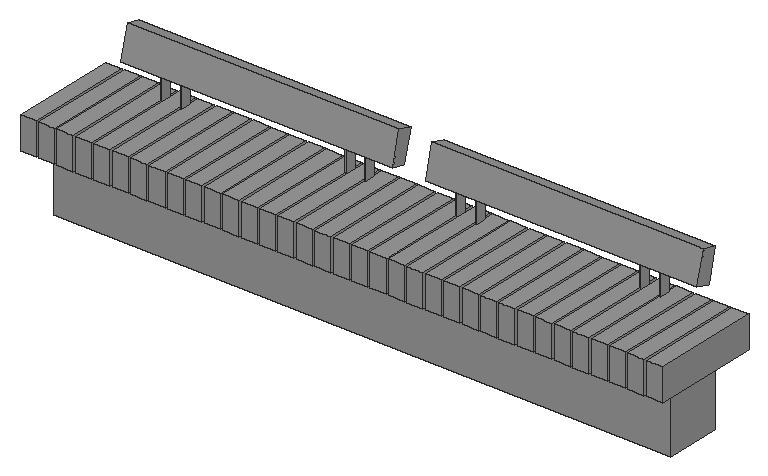
Revit family "Скамейка стальная «Wood Bench» с USB-входами Арт 20364", category Антураж, Revit 2018
Family settings
  На основе рабочей плоскости = Нет
  Всегда вертикально = Да
  При загрузке вырезать с полостями = Нет
  Источник визуального образа = Геометрия семейства
  Общий = Нет
  Точка расчета площади = Нет
Parameters (values of type "Версия 3,0 м")
  Ширина = 500 mm  # constant formula
  Цвет опоры = Сталь
  Цвет лавки = Дерево
  Описание = if([Версия 2,0 м], "Скамейка стальная «Wood Bench» с USB-входами. Версия 2,0 м с одной спинкой", "Скамейка стальная «Wood Bench» с USB-входами. Версия 3,0 м с двумя спинками")  # "Скамейка стальная «Wood Bench» с USB-входами. Версия 3,0 м с двумя спинками"
  Материал изделия = "Сталь, дерево"  # constant formula
  Изображение типоразмера = Скамейка стальная «Wood Bench» с USB-входами Арт 20364 3,0 м.jpg
  Изготовитель = "ООО «Хоббика»"  # constant formula
  Длина = if([Версия 2,0 м], 2000 mm, 3000 mm)  # 3000 mm
  Группа модели = "Скамейки"  # constant formula
  Высота = 700 mm  # constant formula
  Версия 3,0 м = not([Версия 2,0 м])  # yes
  Версия 2,0 м = no
  Артикул товара = "Арт. 20364"  # constant formula
Types (3, lengths in mm): name | Описание | Изображение типоразмера | Длина | Версия 3,0 м | Версия 2,0 м
  (no name) | "Скамейка стальная «Wood Bench» с USB-входами. Версия 3,0 м с двумя спинками" | Скамейка стальная «Wood Bench» с USB-входами Арт 20364 3,0 м.jpg | 3000 | yes | no
  Версия 2,0 м | "Скамейка стальная «Wood Bench» с USB-входами. Версия 2,0 м с одной спинкой" | Скамейка стальная «Wood Bench» с USB-входами Арт 20364 2,0 м.jpg | 2000 | no | yes
  Версия 3,0 м | "Скамейка стальная «Wood Bench» с USB-входами. Версия 3,0 м с двумя спинками" | Скамейка стальная «Wood Bench» с USB-входами Арт 20364 3,0 м.jpg | 3000 | yes | no
Reference planes
  plane 1 "По центру (Вперед/Назад)": y = 0
  plane 2: z = 0
  plane 3 "По центру (Влево/Вправо)": x = 0
  plane 4: x = 3000
  plane 5: y = 500
  plane 6: z = 700
Dimensions and locks
  "Длина": plane 3 "По центру (Влево/Вправо)" to plane 4
  "Ширина": plane 5 to plane 1 "По центру (Вперед/Назад)"
  "Высота": plane 6 to plane 2
  aligned and locked: level to plane 2
  aligned and locked: plane 3 "По центру (Влево/Вправо)" to nested 1
  aligned and locked: plane 1 "По центру (Вперед/Назад)" to nested 1
  aligned and locked: plane 1 "По центру (Вперед/Назад)" to nested 2
  aligned and locked: plane 3 "По центру (Влево/Вправо)" to nested 2
Nested families
  nested 1: "Скамейка стальная «Wood Bench» с USB-входами Арт 20364 2,0 м" at (0, 0, 0), visible <- "Версия 2,0 м", type "Скамейка стальная «Wood Bench» с USB-входами Арт 20364 2,0 м"
  nested 2: "Скамейка стальная «Wood Bench» с USB-входами Арт 20364 3,0 м" at (0, 0, 0), visible <- "Версия 3,0 м", type "Скамейка стальная «Wood Bench» с USB-входами Арт 20364 3,0 м"
Definition of nested family "Скамейка стальная «Wood Bench» с USB-входами Арт 20364 2,0 м"
  Parameters (values of type "Скамейка стальная «Wood Bench» с USB-входами Арт 20364 2,0 м")
    Ширина = 500 mm  # constant formula
    Цвет опоры = none
    Цвет лавки = none
    Длина = 2000 mm  # constant formula
    Height = 700 mm  # constant formula
  Reference planes
    plane 1 "По центру (Вперед/Назад)": y = 0
    plane 2: z = 0
    plane 3 "По центру (Влево/Вправо)": x = 0
    plane 4: x = 2000
    plane 5: y = 500
    plane 6: z = 700
  Forms (mm)
    Extrusion 1, solid, material <- "Цвет лавки"
      sketch origin (0, 0, 0) x (1, 0, 0) y (0, 0, 1)
        loop
          line (0, 450) -> (0, 300) -> (75, 300) -> (75, 450) -> (0, 450)
      from 0 to -500
    Extrusion 2, solid, material <- "Цвет лавки"
      sketch origin (1925, 0, 0) x (1, 0, 0) y (0, 0, 1)
        loop
          line (0, 450) -> (0, 300) -> (75, 300) -> (75, 450) -> (0, 450)
      from 0 to -500
    Extrusion 3, solid, material <- "Цвет лавки"
      sketch origin (80.208, 0, 0) x (1, 0, 0) y (0, 0, 1)
        loop
          line (0, 450) -> (0, 300) -> (75, 300) -> (75, 450) -> (0, 450)
      from 0 to -500
    Extrusion 4, solid, material <- "Цвет лавки"
      sketch origin (160.417, 0, 0) x (1, 0, 0) y (0, 0, 1)
        loop
          line (0, 450) -> (0, 300) -> (75, 300) -> (75, 450) -> (0, 450)
      from 0 to -500
    Extrusion 5, solid, material <- "Цвет лавки"
      sketch origin (240.625, 0, 0) x (1, 0, 0) y (0, 0, 1)
        loop
          line (0, 450) -> (0, 300) -> (75, 300) -> (75, 450) -> (0, 450)
      from 0 to -500
    Extrusion 6, solid, material <- "Цвет лавки"
      sketch origin (320.833, 0, 0) x (1, 0, 0) y (0, 0, 1)
        loop
          line (0, 450) -> (0, 300) -> (75, 300) -> (75, 450) -> (0, 450)
      from 0 to -500
    Extrusion 7, solid, material <- "Цвет лавки"
      sketch origin (401.042, 0, 0) x (1, 0, 0) y (0, 0, 1)
        loop
          line (0, 450) -> (0, 300) -> (75, 300) -> (75, 450) -> (0, 450)
      from 0 to -500
    Extrusion 8, solid, material <- "Цвет лавки"
      sketch origin (481.25, 0, 0) x (1, 0, 0) y (0, 0, 1)
        loop
          line (0, 450) -> (0, 300) -> (75, 300) -> (75, 450) -> (0, 450)
      from 0 to -500
    Extrusion 9, solid, material <- "Цвет лавки"
      sketch origin (561.458, 0, 0) x (1, 0, 0) y (0, 0, 1)
        loop
          line (0, 450) -> (0, 300) -> (75, 300) -> (75, 450) -> (0, 450)
      from 0 to -500
    Extrusion 10, solid, material <- "Цвет лавки"
      sketch origin (641.667, 0, 0) x (1, 0, 0) y (0, 0, 1)
        loop
          line (0, 450) -> (0, 300) -> (75, 300) -> (75, 450) -> (0, 450)
      from 0 to -500
    Extrusion 11, solid, material <- "Цвет лавки"
      sketch origin (721.875, 0, 0) x (1, 0, 0) y (0, 0, 1)
        loop
          line (0, 450) -> (0, 300) -> (75, 300) -> (75, 450) -> (0, 450)
      from 0 to -500
    Extrusion 12, solid, material <- "Цвет лавки"
      sketch origin (802.083, 0, 0) x (1, 0, 0) y (0, 0, 1)
        loop
          line (0, 450) -> (0, 300) -> (75, 300) -> (75, 450) -> (0, 450)
      from 0 to -500
    Extrusion 13, solid, material <- "Цвет лавки"
      sketch origin (882.292, 0, 0) x (1, 0, 0) y (0, 0, 1)
        loop
          line (0, 450) -> (0, 300) -> (75, 300) -> (75, 450) -> (0, 450)
      from 0 to -500
    Extrusion 14, solid, material <- "Цвет лавки"
      sketch origin (962.5, 0, 0) x (1, 0, 0) y (0, 0, 1)
        loop
          line (0, 450) -> (0, 300) -> (75, 300) -> (75, 450) -> (0, 450)
      from 0 to -500
    Extrusion 15, solid, material <- "Цвет лавки"
      sketch origin (1042.708, 0, 0) x (1, 0, 0) y (0, 0, 1)
        loop
          line (0, 450) -> (0, 300) -> (75, 300) -> (75, 450) -> (0, 450)
      from 0 to -500
    Extrusion 16, solid, material <- "Цвет лавки"
      sketch origin (1122.917, 0, 0) x (1, 0, 0) y (0, 0, 1)
        loop
          line (0, 450) -> (0, 300) -> (75, 300) -> (75, 450) -> (0, 450)
      from 0 to -500
    Extrusion 17, solid, material <- "Цвет лавки"
      sketch origin (1203.125, 0, 0) x (1, 0, 0) y (0, 0, 1)
        loop
          line (0, 450) -> (0, 300) -> (75, 300) -> (75, 450) -> (0, 450)
      from 0 to -500
    Extrusion 18, solid, material <- "Цвет лавки"
      sketch origin (1283.333, 0, 0) x (1, 0, 0) y (0, 0, 1)
        loop
          line (0, 450) -> (0, 300) -> (75, 300) -> (75, 450) -> (0, 450)
      from 0 to -500
    Extrusion 19, solid, material <- "Цвет лавки"
      sketch origin (1363.542, 0, 0) x (1, 0, 0) y (0, 0, 1)
        loop
          line (0, 450) -> (0, 300) -> (75, 300) -> (75, 450) -> (0, 450)
      from 0 to -500
    Extrusion 20, solid, material <- "Цвет лавки"
      sketch origin (1443.75, 0, 0) x (1, 0, 0) y (0, 0, 1)
        loop
          line (0, 450) -> (0, 300) -> (75, 300) -> (75, 450) -> (0, 450)
      from 0 to -500
    Extrusion 21, solid, material <- "Цвет лавки"
      sketch origin (1523.958, 0, 0) x (1, 0, 0) y (0, 0, 1)
        loop
          line (0, 450) -> (0, 300) -> (75, 300) -> (75, 450) -> (0, 450)
      from 0 to -500
    Extrusion 22, solid, material <- "Цвет лавки"
      sketch origin (1604.167, 0, 0) x (1, 0, 0) y (0, 0, 1)
        loop
          line (0, 450) -> (0, 300) -> (75, 300) -> (75, 450) -> (0, 450)
      from 0 to -500
    Extrusion 23, solid, material <- "Цвет лавки"
      sketch origin (1684.375, 0, 0) x (1, 0, 0) y (0, 0, 1)
        loop
          line (0, 450) -> (0, 300) -> (75, 300) -> (75, 450) -> (0, 450)
      from 0 to -500
    Extrusion 24, solid, material <- "Цвет лавки"
      sketch origin (1764.583, 0, 0) x (1, 0, 0) y (0, 0, 1)
        loop
          line (0, 450) -> (0, 300) -> (75, 300) -> (75, 450) -> (0, 450)
      from 0 to -500
    Extrusion 25, solid, material <- "Цвет лавки"
      sketch origin (1844.792, 0, 0) x (1, 0, 0) y (0, 0, 1)
        loop
          line (0, 450) -> (0, 300) -> (75, 300) -> (75, 450) -> (0, 450)
      from 0 to -500
    Extrusion 26, solid, material <- "Цвет опоры"
      sketch origin (0, 0, 0) x (1, 0, 0) y (0, 1, 0)
        loop
          line (60, 380) -> (60, 120) -> (1940, 120) -> (1940, 380) -> (60, 380)
      from 0 to 300
    Extrusion 27, solid, material <- "Цвет лавки"
      sketch origin (0, 0, 0) x (0, 1, 0) y (0, 0, 1)
        loop
          line (500, 681.892) -> (432.383, 700) -> (393.58, 555.106) -> (461.198, 536.998) -> (500, 681.892)
      from 155 to 1845
    Extrusion 28, solid, material <- "Цвет опоры"
      sketch origin (0, 0, 0) x (1, 0, 0) y (0, 0, 1)
        loop
          line (401.042, 300) -> (401.042, 573.03) -> (395.833, 573.03) -> (395.833, 300) -> (401.042, 300)
        loop
          line (320.833, 300) -> (320.833, 573.03) -> (315.625, 573.03) -> (315.625, 300) -> (320.833, 300)
        loop
          line (1598.958, 300) -> (1604.167, 300) -> (1604.167, 573.03) -> (1598.958, 573.03) -> (1598.958, 300)
        loop
          line (1679.167, 300) -> (1684.375, 300) -> (1684.375, 573.03) -> (1679.167, 573.03) -> (1679.167, 300)
      from -405.348 to -452.118
  Dimensions and locks
    "Длина": plane 3 "По центру (Влево/Вправо)" to plane 4
    "Ширина": plane 5 to plane 1 "По центру (Вперед/Назад)"
    "Height": plane 6 to plane 2
    equal spacing: group 1, group 3, group 4, group 5, group 6, group 7, group 8, group 9, group 10, group 11, group 12, group 13, group 14, group 15, group 16, group 17, group 18, group 19, group 20, group 21, group 22, group 23, group 24, group 25, group 2  (x3)
    aligned and locked: level to plane 2
  Automatic sketch dimensions
    Extrusion 1 sketch curve to Extrusion 1 sketch curve = 150 mm
    Extrusion 1 sketch curve to Extrusion 1 sketch curve = 75 mm
    Extrusion 2 sketch curve to Extrusion 2 sketch curve = 150 mm
    Extrusion 2 sketch curve to Extrusion 2 sketch curve = 75 mm
    Extrusion 3 sketch curve to Extrusion 3 sketch curve = 150 mm
    Extrusion 3 sketch curve to Extrusion 3 sketch curve = 75 mm
    Extrusion 4 sketch curve to Extrusion 4 sketch curve = 150 mm
    Extrusion 4 sketch curve to Extrusion 4 sketch curve = 75 mm
    Extrusion 5 sketch curve to Extrusion 5 sketch curve = 150 mm
    Extrusion 5 sketch curve to Extrusion 5 sketch curve = 75 mm
    Extrusion 6 sketch curve to Extrusion 6 sketch curve = 150 mm
    Extrusion 6 sketch curve to Extrusion 6 sketch curve = 75 mm
    Extrusion 7 sketch curve to Extrusion 7 sketch curve = 150 mm
    Extrusion 7 sketch curve to Extrusion 7 sketch curve = 75 mm
    Extrusion 8 sketch curve to Extrusion 8 sketch curve = 150 mm
    Extrusion 8 sketch curve to Extrusion 8 sketch curve = 75 mm
    Extrusion 9 sketch curve to Extrusion 9 sketch curve = 150 mm
    Extrusion 9 sketch curve to Extrusion 9 sketch curve = 75 mm
    Extrusion 10 sketch curve to Extrusion 10 sketch curve = 150 mm
    Extrusion 10 sketch curve to Extrusion 10 sketch curve = 75 mm
    Extrusion 11 sketch curve to Extrusion 11 sketch curve = 150 mm
    Extrusion 11 sketch curve to Extrusion 11 sketch curve = 75 mm
    Extrusion 12 sketch curve to Extrusion 12 sketch curve = 150 mm
    Extrusion 12 sketch curve to Extrusion 12 sketch curve = 75 mm
    Extrusion 13 sketch curve to Extrusion 13 sketch curve = 150 mm
    Extrusion 13 sketch curve to Extrusion 13 sketch curve = 75 mm
    Extrusion 14 sketch curve to Extrusion 14 sketch curve = 150 mm
    Extrusion 14 sketch curve to Extrusion 14 sketch curve = 75 mm
    Extrusion 15 sketch curve to Extrusion 15 sketch curve = 150 mm
    Extrusion 15 sketch curve to Extrusion 15 sketch curve = 75 mm
    Extrusion 16 sketch curve to Extrusion 16 sketch curve = 150 mm
    Extrusion 16 sketch curve to Extrusion 16 sketch curve = 75 mm
    Extrusion 17 sketch curve to Extrusion 17 sketch curve = 150 mm
    Extrusion 17 sketch curve to Extrusion 17 sketch curve = 75 mm
    Extrusion 18 sketch curve to Extrusion 18 sketch curve = 150 mm
    Extrusion 18 sketch curve to Extrusion 18 sketch curve = 75 mm
    Extrusion 19 sketch curve to Extrusion 19 sketch curve = 150 mm
    Extrusion 19 sketch curve to Extrusion 19 sketch curve = 75 mm
    Extrusion 20 sketch curve to Extrusion 20 sketch curve = 150 mm
    Extrusion 20 sketch curve to Extrusion 20 sketch curve = 75 mm
    Extrusion 21 sketch curve to Extrusion 21 sketch curve = 150 mm
    Extrusion 21 sketch curve to Extrusion 21 sketch curve = 75 mm
    Extrusion 22 sketch curve to Extrusion 22 sketch curve = 150 mm
    Extrusion 22 sketch curve to Extrusion 22 sketch curve = 75 mm
    Extrusion 23 sketch curve to Extrusion 23 sketch curve = 150 mm
    Extrusion 23 sketch curve to Extrusion 23 sketch curve = 75 mm
    Extrusion 24 sketch curve to Extrusion 24 sketch curve = 150 mm
    Extrusion 24 sketch curve to Extrusion 24 sketch curve = 75 mm
    Extrusion 25 sketch curve to Extrusion 25 sketch curve = 150 mm
    Extrusion 25 sketch curve to Extrusion 25 sketch curve = 75 mm
    Extrusion 26 sketch curve to plane 1 "По центру (Вперед/Назад)" = 120 mm
    plane 3 "По центру (Влево/Вправо)" to Extrusion 26 sketch curve = 60 mm
    Extrusion 26 sketch curve to plane 4 = 60 mm
    Extrusion 26 sketch curve to plane 5 = 120 mm
    Extrusion 27 sketch curve to plane 5 = 106.42 mm
    Extrusion 27 sketch curve to plane 6 = 0 mm
    Extrusion 27 sketch curve to plane 5 = 67.617 mm
    Extrusion 27 sketch curve to Extrusion 27 sketch curve = 67.617 mm
    Extrusion 27 sketch curve to Extrusion 27 sketch curve = 18.108 mm
    plane 3 "По центру (Влево/Вправо)" to Extrusion 28 sketch curve = 315.625 mm
    Extrusion 28 sketch curve to Extrusion 28 sketch curve = 5.208 mm  (x4)
    Extrusion 28 sketch curve to Extrusion 28 sketch curve = 75 mm  (x2)
    Extrusion 28 sketch curve to plane 4 = 401.042 mm
    level to Extrusion 28 sketch curve = 300 mm  (x2)
    Extrusion 28 sketch curve to Extrusion 28 sketch curve = 0 mm  (x4)
    Extrusion 28 sketch curve to plane 6 = 126.97 mm  (x2)
Definition of nested family "Скамейка стальная «Wood Bench» с USB-входами Арт 20364 3,0 м"
  Parameters (values of type "Скамейка стальная «Wood Bench» с USB-входами Арт 20364 3,0 м")
    Ширина = 500 mm  # constant formula
    Цвет опоры = none
    Цвет лавки = none
    Длина = 3000 mm  # constant formula
    Height = 700 mm  # constant formula
  Reference planes
    plane 1 "По центру (Вперед/Назад)": y = 0
    plane 2: z = 0
    plane 3 "По центру (Влево/Вправо)": x = 0
    plane 4: x = 3000
    plane 5: y = 500
    plane 6: z = 700
  Forms (mm)
    Extrusion 1, solid, material <- "Цвет лавки"
      sketch origin (0, 0, 0) x (1, 0, 0) y (0, 0, 1)
        loop
          line (0, 450) -> (0, 300) -> (75, 300) -> (75, 450) -> (0, 450)
      from 0 to -500
    Extrusion 2, solid, material <- "Цвет лавки"
      sketch origin (2925, 0, 0) x (1, 0, 0) y (0, 0, 1)
        loop
          line (0, 450) -> (0, 300) -> (75, 300) -> (75, 450) -> (0, 450)
      from 0 to -500
    Extrusion 3, solid, material <- "Цвет лавки"
      sketch origin (86.029, 0, 0) x (1, 0, 0) y (0, 0, 1)
        loop
          line (0, 450) -> (0, 300) -> (75, 300) -> (75, 450) -> (0, 450)
      from 0 to -500
    Extrusion 4, solid, material <- "Цвет лавки"
      sketch origin (172.059, 0, 0) x (1, 0, 0) y (0, 0, 1)
        loop
          line (0, 450) -> (0, 300) -> (75, 300) -> (75, 450) -> (0, 450)
      from 0 to -500
    Extrusion 5, solid, material <- "Цвет лавки"
      sketch origin (258.088, 0, 0) x (1, 0, 0) y (0, 0, 1)
        loop
          line (0, 450) -> (0, 300) -> (75, 300) -> (75, 450) -> (0, 450)
      from 0 to -500
    Extrusion 6, solid, material <- "Цвет лавки"
      sketch origin (344.118, 0, 0) x (1, 0, 0) y (0, 0, 1)
        loop
          line (0, 450) -> (0, 300) -> (75, 300) -> (75, 450) -> (0, 450)
      from 0 to -500
    Extrusion 7, solid, material <- "Цвет лавки"
      sketch origin (430.147, 0, 0) x (1, 0, 0) y (0, 0, 1)
        loop
          line (0, 450) -> (0, 300) -> (75, 300) -> (75, 450) -> (0, 450)
      from 0 to -500
    Extrusion 8, solid, material <- "Цвет лавки"
      sketch origin (516.176, 0, 0) x (1, 0, 0) y (0, 0, 1)
        loop
          line (0, 450) -> (0, 300) -> (75, 300) -> (75, 450) -> (0, 450)
      from 0 to -500
    Extrusion 9, solid, material <- "Цвет лавки"
      sketch origin (602.206, 0, 0) x (1, 0, 0) y (0, 0, 1)
        loop
          line (0, 450) -> (0, 300) -> (75, 300) -> (75, 450) -> (0, 450)
      from 0 to -500
    Extrusion 10, solid, material <- "Цвет лавки"
      sketch origin (688.235, 0, 0) x (1, 0, 0) y (0, 0, 1)
        loop
          line (0, 450) -> (0, 300) -> (75, 300) -> (75, 450) -> (0, 450)
      from 0 to -500
    Extrusion 11, solid, material <- "Цвет лавки"
      sketch origin (774.265, 0, 0) x (1, 0, 0) y (0, 0, 1)
        loop
          line (0, 450) -> (0, 300) -> (75, 300) -> (75, 450) -> (0, 450)
      from 0 to -500
    Extrusion 12, solid, material <- "Цвет лавки"
      sketch origin (860.294, 0, 0) x (1, 0, 0) y (0, 0, 1)
        loop
          line (0, 450) -> (0, 300) -> (75, 300) -> (75, 450) -> (0, 450)
      from 0 to -500
    Extrusion 13, solid, material <- "Цвет лавки"
      sketch origin (946.324, 0, 0) x (1, 0, 0) y (0, 0, 1)
        loop
          line (0, 450) -> (0, 300) -> (75, 300) -> (75, 450) -> (0, 450)
      from 0 to -500
    Extrusion 14, solid, material <- "Цвет лавки"
      sketch origin (1032.353, 0, 0) x (1, 0, 0) y (0, 0, 1)
        loop
          line (0, 450) -> (0, 300) -> (75, 300) -> (75, 450) -> (0, 450)
      from 0 to -500
    Extrusion 15, solid, material <- "Цвет лавки"
      sketch origin (1118.382, 0, 0) x (1, 0, 0) y (0, 0, 1)
        loop
          line (0, 450) -> (0, 300) -> (75, 300) -> (75, 450) -> (0, 450)
      from 0 to -500
    Extrusion 16, solid, material <- "Цвет лавки"
      sketch origin (1204.412, 0, 0) x (1, 0, 0) y (0, 0, 1)
        loop
          line (0, 450) -> (0, 300) -> (75, 300) -> (75, 450) -> (0, 450)
      from 0 to -500
    Extrusion 17, solid, material <- "Цвет лавки"
      sketch origin (1290.441, 0, 0) x (1, 0, 0) y (0, 0, 1)
        loop
          line (0, 450) -> (0, 300) -> (75, 300) -> (75, 450) -> (0, 450)
      from 0 to -500
    Extrusion 18, solid, material <- "Цвет лавки"
      sketch origin (1376.471, 0, 0) x (1, 0, 0) y (0, 0, 1)
        loop
          line (0, 450) -> (0, 300) -> (75, 300) -> (75, 450) -> (0, 450)
      from 0 to -500
    Extrusion 19, solid, material <- "Цвет лавки"
      sketch origin (1462.5, 0, 0) x (1, 0, 0) y (0, 0, 1)
        loop
          line (0, 450) -> (0, 300) -> (75, 300) -> (75, 450) -> (0, 450)
      from 0 to -500
    Extrusion 20, solid, material <- "Цвет лавки"
      sketch origin (1548.529, 0, 0) x (1, 0, 0) y (0, 0, 1)
        loop
          line (0, 450) -> (0, 300) -> (75, 300) -> (75, 450) -> (0, 450)
      from 0 to -500
    Extrusion 21, solid, material <- "Цвет лавки"
      sketch origin (1634.559, 0, 0) x (1, 0, 0) y (0, 0, 1)
        loop
          line (0, 450) -> (0, 300) -> (75, 300) -> (75, 450) -> (0, 450)
      from 0 to -500
    Extrusion 22, solid, material <- "Цвет лавки"
      sketch origin (1720.588, 0, 0) x (1, 0, 0) y (0, 0, 1)
        loop
          line (0, 450) -> (0, 300) -> (75, 300) -> (75, 450) -> (0, 450)
      from 0 to -500
    Extrusion 23, solid, material <- "Цвет лавки"
      sketch origin (1806.618, 0, 0) x (1, 0, 0) y (0, 0, 1)
        loop
          line (0, 450) -> (0, 300) -> (75, 300) -> (75, 450) -> (0, 450)
      from 0 to -500
    Extrusion 24, solid, material <- "Цвет лавки"
      sketch origin (1892.647, 0, 0) x (1, 0, 0) y (0, 0, 1)
        loop
          line (0, 450) -> (0, 300) -> (75, 300) -> (75, 450) -> (0, 450)
      from 0 to -500
    Extrusion 25, solid, material <- "Цвет лавки"
      sketch origin (1978.676, 0, 0) x (1, 0, 0) y (0, 0, 1)
        loop
          line (0, 450) -> (0, 300) -> (75, 300) -> (75, 450) -> (0, 450)
      from 0 to -500
    Extrusion 26, solid, material <- "Цвет опоры"
      sketch origin (0, 0, 0) x (1, 0, 0) y (0, 1, 0)
        loop
          line (60, 380) -> (60, 120) -> (2940, 120) -> (2940, 380) -> (60, 380)
      from 0 to 300
    Extrusion 27, solid, material <- "Цвет лавки"
      sketch origin (0, 0, 0) x (0, 1, 0) y (0, 0, 1)
        loop
          line (500, 681.892) -> (432.383, 700) -> (393.58, 555.106) -> (461.198, 536.998) -> (500, 681.892)
      from 155 to 1422.5
    Extrusion 28, solid, material <- "Цвет опоры"
      sketch origin (17.463, 0, 0) x (1, 0, 0) y (0, 0, 1)
        loop
          line (412.684, 300) -> (412.684, 573.03) -> (407.475, 573.03) -> (407.475, 300) -> (412.684, 300)
        loop
          line (320.833, 300) -> (320.833, 573.03) -> (315.625, 573.03) -> (315.625, 300) -> (320.833, 300)
        loop
          line (1175.919, 300) -> (1181.127, 300) -> (1181.127, 573.03) -> (1175.919, 573.03) -> (1175.919, 300)
        loop
          line (1267.157, 300) -> (1272.365, 300) -> (1272.365, 573.03) -> (1267.157, 573.03) -> (1267.157, 300)
        loop
          line (2552.39, 300) -> (2557.598, 300) -> (2557.598, 573.03) -> (2552.39, 573.03) -> (2552.39, 300)
        loop
          line (2644.24, 300) -> (2649.449, 300) -> (2649.449, 573.03) -> (2644.24, 573.03) -> (2644.24, 300)
        loop
          line (1789.154, 300) -> (1789.154, 573.03) -> (1783.946, 573.03) -> (1783.946, 300) -> (1789.154, 300)
        loop
          line (1697.917, 300) -> (1697.917, 573.03) -> (1692.708, 573.03) -> (1692.708, 300) -> (1697.917, 300)
      from -405.348 to -452.118
    Extrusion 29, solid, material <- "Цвет лавки"
      sketch origin (2064.706, 0, 0) x (1, 0, 0) y (0, 0, 1)
        loop
          line (0, 450) -> (0, 300) -> (75, 300) -> (75, 450) -> (0, 450)
      from 0 to -500
    Extrusion 30, solid, material <- "Цвет лавки"
      sketch origin (2150.735, 0, 0) x (1, 0, 0) y (0, 0, 1)
        loop
          line (0, 450) -> (0, 300) -> (75, 300) -> (75, 450) -> (0, 450)
      from 0 to -500
    Extrusion 31, solid, material <- "Цвет лавки"
      sketch origin (2236.765, 0, 0) x (1, 0, 0) y (0, 0, 1)
        loop
          line (0, 450) -> (0, 300) -> (75, 300) -> (75, 450) -> (0, 450)
      from 0 to -500
    Extrusion 32, solid, material <- "Цвет лавки"
      sketch origin (2322.794, 0, 0) x (1, 0, 0) y (0, 0, 1)
        loop
          line (0, 450) -> (0, 300) -> (75, 300) -> (75, 450) -> (0, 450)
      from 0 to -500
    Extrusion 33, solid, material <- "Цвет лавки"
      sketch origin (2408.824, 0, 0) x (1, 0, 0) y (0, 0, 1)
        loop
          line (0, 450) -> (0, 300) -> (75, 300) -> (75, 450) -> (0, 450)
      from 0 to -500
    Extrusion 34, solid, material <- "Цвет лавки"
      sketch origin (2494.853, 0, 0) x (1, 0, 0) y (0, 0, 1)
        loop
          line (0, 450) -> (0, 300) -> (75, 300) -> (75, 450) -> (0, 450)
      from 0 to -500
    Extrusion 35, solid, material <- "Цвет лавки"
      sketch origin (2580.882, 0, 0) x (1, 0, 0) y (0, 0, 1)
        loop
          line (0, 450) -> (0, 300) -> (75, 300) -> (75, 450) -> (0, 450)
      from 0 to -500
    Extrusion 36, solid, material <- "Цвет лавки"
      sketch origin (2666.912, 0, 0) x (1, 0, 0) y (0, 0, 1)
        loop
          line (0, 450) -> (0, 300) -> (75, 300) -> (75, 450) -> (0, 450)
      from 0 to -500
    Extrusion 37, solid, material <- "Цвет лавки"
      sketch origin (2752.941, 0, 0) x (1, 0, 0) y (0, 0, 1)
        loop
          line (0, 450) -> (0, 300) -> (75, 300) -> (75, 450) -> (0, 450)
      from 0 to -500
    Extrusion 38, solid, material <- "Цвет лавки"
      sketch origin (2838.971, 0, 0) x (1, 0, 0) y (0, 0, 1)
        loop
          line (0, 450) -> (0, 300) -> (75, 300) -> (75, 450) -> (0, 450)
      from 0 to -500
    Extrusion 39, solid, material <- "Цвет лавки"
      sketch origin (0, 0, 0) x (0, 1, 0) y (0, 0, 1)
        loop
          line (500, 681.892) -> (432.383, 700) -> (393.58, 555.106) -> (461.198, 536.998) -> (500, 681.892)
      from 1577.5 to 2845
  Dimensions and locks
    "Длина": plane 3 "По центру (Влево/Вправо)" to plane 4
    "Ширина": plane 5 to plane 1 "По центру (Вперед/Назад)"
    "Height": plane 6 to plane 2
    equal spacing: group 1, group 3, group 4, group 5, group 6, group 7, group 8, group 9, group 10, group 11, group 12, group 13, group 14, group 15, group 16, group 17, group 18, group 19, group 20, group 21, group 22, group 23, group 24, group 25, group 26, group 27, group 28, group 29, group 30, group 31, group 32, group 33, group 34, group 35, group 2  (x3)
    aligned and locked: level to plane 2
  Automatic sketch dimensions
    Extrusion 1 sketch curve to Extrusion 1 sketch curve = 150 mm
    Extrusion 1 sketch curve to Extrusion 1 sketch curve = 75 mm
    Extrusion 2 sketch curve to Extrusion 2 sketch curve = 150 mm
    Extrusion 2 sketch curve to Extrusion 2 sketch curve = 75 mm
    Extrusion 3 sketch curve to Extrusion 3 sketch curve = 150 mm
    Extrusion 3 sketch curve to Extrusion 3 sketch curve = 75 mm
    Extrusion 4 sketch curve to Extrusion 4 sketch curve = 150 mm
    Extrusion 4 sketch curve to Extrusion 4 sketch curve = 75 mm
    Extrusion 5 sketch curve to Extrusion 5 sketch curve = 150 mm
    Extrusion 5 sketch curve to Extrusion 5 sketch curve = 75 mm
    Extrusion 6 sketch curve to Extrusion 6 sketch curve = 150 mm
    Extrusion 6 sketch curve to Extrusion 6 sketch curve = 75 mm
    Extrusion 7 sketch curve to Extrusion 7 sketch curve = 150 mm
    Extrusion 7 sketch curve to Extrusion 7 sketch curve = 75 mm
    Extrusion 8 sketch curve to Extrusion 8 sketch curve = 150 mm
    Extrusion 8 sketch curve to Extrusion 8 sketch curve = 75 mm
    Extrusion 9 sketch curve to Extrusion 9 sketch curve = 150 mm
    Extrusion 9 sketch curve to Extrusion 9 sketch curve = 75 mm
    Extrusion 10 sketch curve to Extrusion 10 sketch curve = 150 mm
    Extrusion 10 sketch curve to Extrusion 10 sketch curve = 75 mm
    Extrusion 11 sketch curve to Extrusion 11 sketch curve = 150 mm
    Extrusion 11 sketch curve to Extrusion 11 sketch curve = 75 mm
    Extrusion 12 sketch curve to Extrusion 12 sketch curve = 150 mm
    Extrusion 12 sketch curve to Extrusion 12 sketch curve = 75 mm
    Extrusion 13 sketch curve to Extrusion 13 sketch curve = 150 mm
    Extrusion 13 sketch curve to Extrusion 13 sketch curve = 75 mm
    Extrusion 14 sketch curve to Extrusion 14 sketch curve = 150 mm
    Extrusion 14 sketch curve to Extrusion 14 sketch curve = 75 mm
    Extrusion 15 sketch curve to Extrusion 15 sketch curve = 150 mm
    Extrusion 15 sketch curve to Extrusion 15 sketch curve = 75 mm
    Extrusion 16 sketch curve to Extrusion 16 sketch curve = 150 mm
    Extrusion 16 sketch curve to Extrusion 16 sketch curve = 75 mm
    Extrusion 17 sketch curve to Extrusion 17 sketch curve = 150 mm
    Extrusion 17 sketch curve to Extrusion 17 sketch curve = 75 mm
    Extrusion 18 sketch curve to Extrusion 18 sketch curve = 150 mm
    Extrusion 18 sketch curve to Extrusion 18 sketch curve = 75 mm
    Extrusion 19 sketch curve to Extrusion 19 sketch curve = 150 mm
    Extrusion 19 sketch curve to Extrusion 19 sketch curve = 75 mm
    Extrusion 20 sketch curve to Extrusion 20 sketch curve = 150 mm
    Extrusion 20 sketch curve to Extrusion 20 sketch curve = 75 mm
    Extrusion 21 sketch curve to Extrusion 21 sketch curve = 150 mm
    Extrusion 21 sketch curve to Extrusion 21 sketch curve = 75 mm
    Extrusion 22 sketch curve to Extrusion 22 sketch curve = 150 mm
    Extrusion 22 sketch curve to Extrusion 22 sketch curve = 75 mm
    Extrusion 23 sketch curve to Extrusion 23 sketch curve = 150 mm
    Extrusion 23 sketch curve to Extrusion 23 sketch curve = 75 mm
    Extrusion 24 sketch curve to Extrusion 24 sketch curve = 150 mm
    Extrusion 24 sketch curve to Extrusion 24 sketch curve = 75 mm
    Extrusion 25 sketch curve to Extrusion 25 sketch curve = 150 mm
    Extrusion 25 sketch curve to Extrusion 25 sketch curve = 75 mm
    Extrusion 29 sketch curve to Extrusion 29 sketch curve = 150 mm
    Extrusion 29 sketch curve to Extrusion 29 sketch curve = 75 mm
    Extrusion 30 sketch curve to Extrusion 30 sketch curve = 150 mm
    Extrusion 30 sketch curve to Extrusion 30 sketch curve = 75 mm
    Extrusion 31 sketch curve to Extrusion 31 sketch curve = 150 mm
    Extrusion 31 sketch curve to Extrusion 31 sketch curve = 75 mm
    Extrusion 32 sketch curve to Extrusion 32 sketch curve = 150 mm
    Extrusion 32 sketch curve to Extrusion 32 sketch curve = 75 mm
    Extrusion 33 sketch curve to Extrusion 33 sketch curve = 150 mm
    Extrusion 33 sketch curve to Extrusion 33 sketch curve = 75 mm
    Extrusion 34 sketch curve to Extrusion 34 sketch curve = 150 mm
    Extrusion 34 sketch curve to Extrusion 34 sketch curve = 75 mm
    Extrusion 35 sketch curve to Extrusion 35 sketch curve = 150 mm
    Extrusion 35 sketch curve to Extrusion 35 sketch curve = 75 mm
    Extrusion 36 sketch curve to Extrusion 36 sketch curve = 150 mm
    Extrusion 36 sketch curve to Extrusion 36 sketch curve = 75 mm
    Extrusion 37 sketch curve to Extrusion 37 sketch curve = 150 mm
    Extrusion 37 sketch curve to Extrusion 37 sketch curve = 75 mm
    Extrusion 38 sketch curve to Extrusion 38 sketch curve = 150 mm
    Extrusion 38 sketch curve to Extrusion 38 sketch curve = 75 mm
    plane 3 "По центру (Влево/Вправо)" to Extrusion 26 sketch curve = 60 mm
    Extrusion 26 sketch curve to plane 4 = 60 mm
    Extrusion 26 sketch curve to plane 1 "По центру (Вперед/Назад)" = 120 mm
    Extrusion 26 sketch curve to plane 5 = 120 mm
    Extrusion 27 sketch curve to plane 6 = 0 mm
    Extrusion 27 sketch curve to plane 5 = 0 mm
    Extrusion 27 sketch curve to plane 5 = 38.802 mm
    Extrusion 27 sketch curve to plane 5 = 67.617 mm
    Extrusion 27 sketch curve to Extrusion 27 sketch curve = 18.108 mm
    Extrusion 39 sketch curve to plane 6 = 0 mm
    Extrusion 39 sketch curve to plane 5 = 0 mm
    Extrusion 39 sketch curve to plane 5 = 38.802 mm
    Extrusion 39 sketch curve to plane 5 = 67.617 mm
    Extrusion 39 sketch curve to Extrusion 39 sketch curve = 18.108 mm
    plane 3 "По центру (Влево/Вправо)" to Extrusion 28 sketch curve = 333.088 mm
    Extrusion 28 sketch curve to Extrusion 28 sketch curve = 5.208 mm  (x8)
    Extrusion 28 sketch curve to Extrusion 28 sketch curve = 86.642 mm  (x2)
    Extrusion 28 sketch curve to plane 6 = 126.97 mm  (x4)
    Extrusion 28 sketch curve to plane 4 = 430.147 mm
    Extrusion 28 sketch curve to Extrusion 28 sketch curve = 273.03 mm  (x2)
    Extrusion 28 sketch curve to Extrusion 28 sketch curve = 0 mm  (x8)
    level to Extrusion 28 sketch curve = 300 mm  (x2)
    Extrusion 28 sketch curve to Extrusion 28 sketch curve = 86.029 mm  (x2)
    Extrusion 28 sketch curve to Extrusion 28 sketch curve = 763.235 mm
    Extrusion 28 sketch curve to Extrusion 28 sketch curve = 420.343 mm
